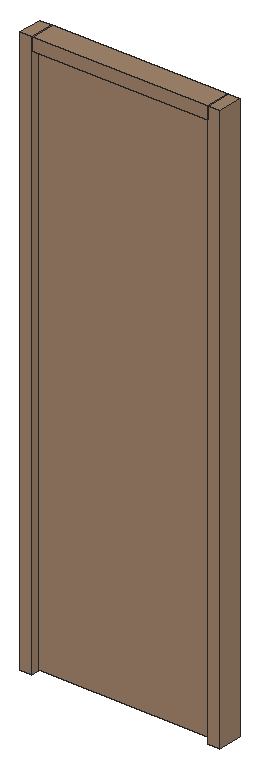
Revit family "LC D02 - A11", category Doors, host Wall, Revit 2027
Family settings
  Host = Wall
  Always vertical = Yes
  Cut with Voids When Loaded = No
  Shared = No
  Room Calculation Point = No
Parameters (values of type "A11 nominal size")
  Function = Interior
  Frame Projection Ext. = 25 mm
  Frame Projection Int. = 25 mm
  Frame Width = 75 mm
  Height = 2340 mm  # constant formula
  Wall Closure = By host
  Width = 820 mm  # constant formula
  Description = "A07/A08 position, A11 overall sizes. Frame50x100 and glazing6mm are visual coordination profiles; manufacturer sections/glazing specification pending. Panel divisions follow schedule appearance, undimensioned divisions provisional."
Reference planes
  plane 1: y = 0
  plane 2 "Center (Left/Right)": x = 0
  plane 3 "Left": x = -410
  plane 4 "Right": x = 410
  plane 5: z = 2340
  plane 6 "Exterior": y = 75
  plane 7 "Interior": y = -75
Forms (mm)
  Extrusion 1, solid, material "LC Door timber - selected finish pending"
    sketch origin (0, 0, 0) x (1, 0, 0) y (0, 1, 0)
      loop
        line (-410, -50) -> (-360, -50) -> (-360, 50) -> (-410, 50) -> (-410, -50)
    from 0 to 2340
  Extrusion 2, solid, material "LC Door timber - selected finish pending"
    sketch origin (0, 0, 0) x (1, 0, 0) y (0, 1, 0)
      loop
        line (360, -50) -> (410, -50) -> (410, 50) -> (360, 50) -> (360, -50)
    from 0 to 2340
  Extrusion 3, solid, material "LC Door timber - selected finish pending"
    sketch origin (0, 0, 0) x (1, 0, 0) y (0, 1, 0)
      loop
        line (-360, -50) -> (360, -50) -> (360, 50) -> (-360, 50) -> (-360, -50)
    from 2290 to 2340
  Extrusion 4, solid, material "LC Door timber - selected finish pending"
    sketch origin (0, 0, 0) x (1, 0, 0) y (0, 1, 0)
      loop
        line (-358, -20) -> (358, -20) -> (358, 20) -> (-358, 20) -> (-358, -20)
    from 4 to 2290
Lines and regions (mm)
  Opening 1
    outline origin (-3050, -75, 0) x (1, 0, 0) y (0, 0, 1)
      loop
        line (2640, 0) -> (3460, 0) -> (3460, 2340) -> (2640, 2340) -> (2640, 0)
  symbolic lines, style "Elevation Swing"
    curve 1: line (410, -75, 1170) -> (-410, -75, 2340)
    curve 2: line (410, -75, 1170) -> (-410, -75, 0)
Text (mm)
  text "Exterior" at (-1376.75, 1099.543, 0), in view "Ref. Level"
  text "Exterior" at (0, 1615.38, 3698.081), in view "Left"
  text "Exterior" at (0, 1036.032, 3874.932), in view "Right"
Dimensions and locks
  equal spacing: plane 3 "Left", plane 2 "Center (Left/Right)", plane 4 "Right"
  "Width": plane 3 "Left" to plane 4 "Right"
  "Height": plane 5 to host wall
  equal spacing: host wall, curve 2, plane 5
  host wall to plane 5 = 2340 mm
  locked: plane 6 "Exterior" to host wall
  locked: plane 7 "Interior" to host wall
  aligned and locked: plane 3 "Left" to Opening 1 sketch curve
  aligned and locked: plane 5 to Opening 1 sketch curve  (x2)
  aligned and locked: Opening 1 sketch curve to plane 4 "Right"
  aligned and locked: Opening 1 sketch curve to level
  aligned and locked: plane 5 to curve 1
  aligned and locked: plane 3 "Left" to curve 2
  aligned and locked: plane 1 to host wall
  aligned and locked: plane 3 "Left" to curve 1
Automatic sketch dimensions
  plane 4 "Right" to curve 2 = 0 mm
  curve 2 to level = 0 mm
  Extrusion 1 sketch curve to plane 3 "Left" = 0 mm
  Extrusion 1 sketch curve to host wall = 25 mm  (x2)
  Extrusion 1 sketch curve to Extrusion 1 sketch curve = 50 mm
  Extrusion 2 sketch curve to plane 4 "Right" = 0 mm
  Extrusion 2 sketch curve to host wall = 25 mm  (x2)
  plane 4 "Right" to Extrusion 2 sketch curve = 50 mm
  Extrusion 3 sketch curve to host wall = 25 mm  (x2)
  Extrusion 3 sketch curve to plane 3 "Left" = 50 mm
  plane 4 "Right" to Extrusion 3 sketch curve = 50 mm
  host wall to Extrusion 4 sketch curve = 20 mm
  Extrusion 4 sketch curve to plane 3 "Left" = 52 mm
  Extrusion 4 sketch curve to host wall = 20 mm
  plane 4 "Right" to Extrusion 4 sketch curve = 52 mm
